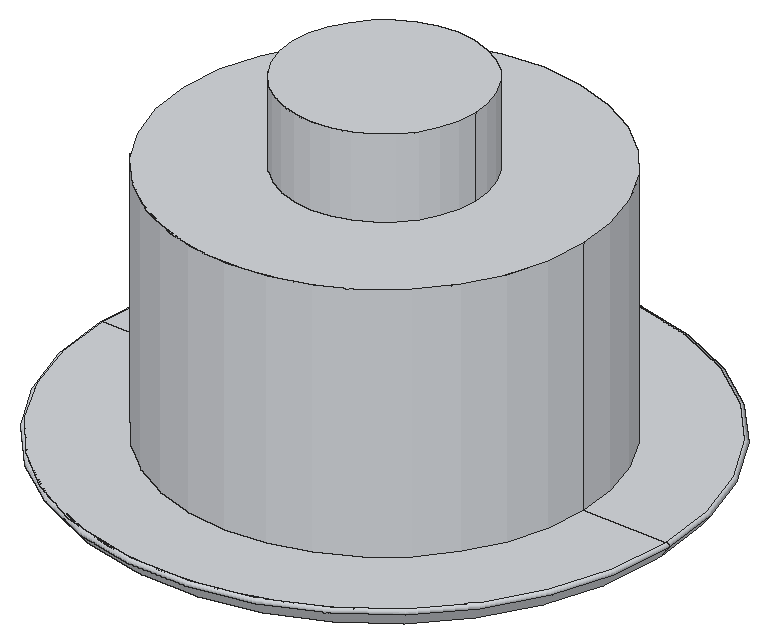
Revit family
Parameters (values of type "RASCO G580 CONCEALED")
  Temperature Rating = 165 °F
  Response = 1
  RASCO SIN # = "RA3412"
  RASCO Part # = "1916173498 & 6887141308"
  Pressure Rating = "175 PSI"
  Pressure Class = (empty or 0)
  Orifice Size = 17/32"
  Orifice = (empty or 0)
  Model = "G580 Concealed Pendent"
  Manufacturer = "RASCO"
  K-Factor = 8
  Diameter = 5 5/128"
  Description = "WHITE FINISH"
  Coverage = (empty or 0)
Reference planes (in)
  plane 1 "Center (Front/Back)": y = 0
  plane 2: z = 0
  plane 3 "Center (Left/Right)": x = 0
Nested families (in)
  nested 1: "RASCO- G580" at (0, 0, 0), type "RASCO G5 CONCEALED"
Connectors (in)
  piping at (0, 0, 2.026), driven by "Orifice Size"
    settings: on nested 1, index 1, connector radius 17/32", flow factor 0, pipe flow 0 GPM, pressure drop 0.00 psi, fitting loss kfactor 0, connector angle 0.00°, fixture units 0, flow configuration 0, flow direction 0, fitting loss method 0, system type 7, connector reference index -1, connector utility 0, adjustable connector no, is connector primary yes, fitting loss table "", connector description ""
Definition of nested family "RASCO- G580"
  Parameters (values of type "RASCO G5 CONCEALED")
    Type Comments = ""
    Temperature Rating = 0 °F
    Response = (empty or 0)
    Pressure Rating = "0"
    Pressure Class = (empty or 0)
    Orifice Size = 0"
    Orifice = (empty or 0)
    Model = ""
    Manufacturer = ""
    K-Factor = 0
    Coverage = (empty or 0)
    Assembly Code = ""
  Reference planes (in)
    plane 1 "Center (Front/Back)": y = 0
    plane 2: z = 0
    plane 3 "Center (Left/Right)": x = 0
    plane 4 "ref.2": z = 0.181
    plane 5 "ref.3": z = 2.151
  Forms (in)
    Extrusion 1, solid
      sketch origin (0, 0, 0.181) x (-1, 0, 0) y (0, -1, 0)
        loop
          circle (0, 0) r 1.156
      from 0 to 1.388
    Extrusion 2, solid
      sketch origin (0, 0, 1.26779) x (-1, 0, 0) y (0, -1, 0)
        loop
          circle (0, 0) r 0.53
      from 0.30121 to 0.75821
    Revolve 3, solid
      sketch origin (0, 0, 0) x (1, 0, 0) y (0, 0, 1)
        loop
          line (0, 0.181) -> (-1.6354, 0.181)
          arc (-1.6354, 0.181) -> (-1.64866, 0.17328) -> (-1.64851, 0.15794) r 0.01525
          arc (-1.64851, 0.15794) -> (-1.53047, 0.04225) -> (-1.37067, 0) r 0.32334
          line (-1.37067, 0) -> (0, 0) -> (0, 0.181)
        axis (0, 0.181) -> (0, 0)
      angle from 0 to 360
